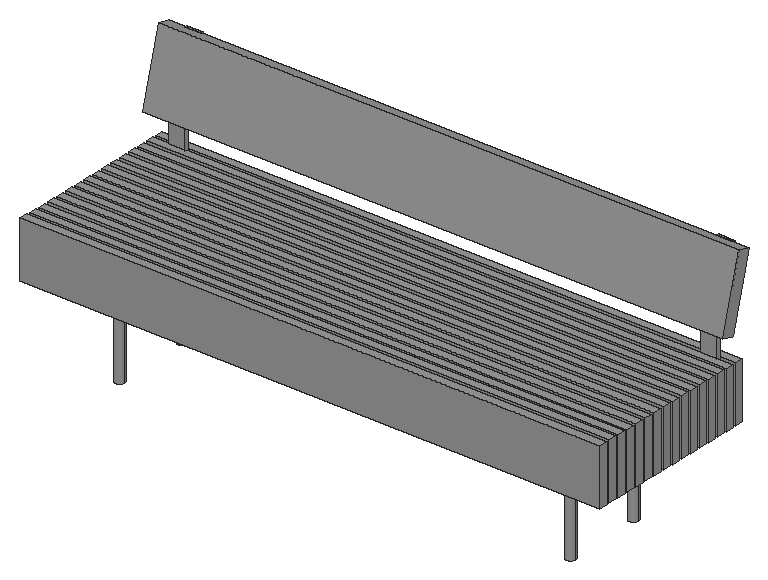
Revit family "Скамейка «Линия» со спинкой Арт 14233", category Антураж, Revit 2018
Family settings
  На основе рабочей плоскости = Нет
  Всегда вертикально = Да
  При загрузке вырезать с полостями = Нет
  Источник визуального образа = Геометрия семейства
  Общий = Нет
  Точка расчета площади = Нет
Parameters (values of type "Версия 1,8 м")
  Ширина = 585 mm  # constant formula
  Цвет сидения = Дерево
  Цвет опор = Сталь
  Описание = if([Версия 1,8 м], "Скамейка «Линия» со спинкой. Версия 1,8 м", "Скамейка «Линия» со спинкой. Версия 2,0 м")  # "Скамейка «Линия» со спинкой. Версия 1,8 м"
  Материал изделия = "Сталь, Фанера ФСФ"  # constant formula
  Изображение типоразмера = Скамейка «Линия» со спинкой Арт 14233.jpg
  Изготовитель = "ООО «Хоббика»"  # constant formula
  Длина = if([Версия 1,8 м], 1800 mm, 2000 mm)  # 1800 mm
  Группа модели = "Скамейки"  # constant formula
  Высота = 750 mm  # constant formula
  Версия 2,0 м = not([Версия 1,8 м])  # no
  Версия 1,8 м = yes
  Артикул товара = "Арт.  14233"  # constant formula
  URL = "https://hobbyka.ru/product/skameyka_so_spinkoy_liniya/"
Types (3, lengths in mm): name | Описание | Длина | Версия 2,0 м | Версия 1,8 м
  (no name) | "Скамейка «Линия» со спинкой. Версия 1,8 м" | 1800 | no | yes
  Версия 1,8 м | "Скамейка «Линия» со спинкой. Версия 1,8 м" | 1800 | no | yes
  Версия 2,0 м | "Скамейка «Линия» со спинкой. Версия 2,0 м" | 2000 | yes | no
Reference planes
  plane 1 "По центру (Вперед/Назад)": y = 0
  plane 2: z = 0
  plane 3 "По центру (Влево/Вправо)": x = 0
  plane 4: y = 585
  plane 5: z = 750
  plane 6: x = 1800
  plane 7: x = 200
  plane 8: x = 1600
  plane 9: x = 50
  plane 10: x = 100
  plane 11: x = 1700
  plane 12: x = 1750
Forms (mm)
  Extrusion 1, solid, material "Дерево" <- "Цвет сидения"
    sketch origin (0, 0, 0) x (0, 1, 0) y (0, 0, 1)
      loop
        line (574.772, 739.647) -> (536.135, 750) -> (476.607, 527.837) -> (515.244, 517.484) -> (574.772, 739.647)
      loop
        line (549.979, 440) -> (524.979, 440) -> (524.979, 265) -> (549.979, 265) -> (549.979, 440)
      loop
        line (514.979, 440) -> (489.979, 440) -> (489.979, 265) -> (514.979, 265) -> (514.979, 440)
      loop
        line (479.979, 440) -> (454.979, 440) -> (454.979, 265) -> (479.979, 265) -> (479.979, 440)
      loop
        line (444.979, 440) -> (419.979, 440) -> (419.979, 265) -> (444.979, 265) -> (444.979, 440)
      loop
        line (409.979, 440) -> (384.979, 440) -> (384.979, 265) -> (409.979, 265) -> (409.979, 440)
      loop
        line (374.979, 440) -> (349.979, 440) -> (349.979, 265) -> (374.979, 265) -> (374.979, 440)
      loop
        line (339.979, 440) -> (314.979, 440) -> (314.979, 265) -> (339.979, 265) -> (339.979, 440)
      loop
        line (304.979, 440) -> (279.979, 440) -> (279.979, 265) -> (304.979, 265) -> (304.979, 440)
      loop
        line (269.979, 440) -> (244.979, 440) -> (244.979, 265) -> (269.979, 265) -> (269.979, 440)
      loop
        line (234.979, 440) -> (209.979, 440) -> (209.979, 265) -> (234.979, 265) -> (234.979, 440)
      loop
        line (199.979, 440) -> (174.979, 440) -> (174.979, 265) -> (199.979, 265) -> (199.979, 440)
      loop
        line (164.979, 440) -> (139.979, 440) -> (139.979, 265) -> (164.979, 265) -> (164.979, 440)
      loop
        line (129.979, 440) -> (104.979, 440) -> (104.979, 265) -> (129.979, 265) -> (129.979, 440)
      loop
        line (94.979, 440) -> (69.979, 440) -> (69.979, 265) -> (94.979, 265) -> (94.979, 440)
      loop
        line (60, 441.221) -> (35, 441.221) -> (35, 266.221) -> (60, 266.221) -> (60, 441.221)
      loop
        line (25, 441.221) -> (0, 441.221) -> (0, 266.221) -> (25, 266.221) -> (25, 441.221)
    from 0 to 1800
  Extrusion 2, solid, material "Сталь" <- "Цвет опор"
    sketch origin (0, 0, 0) x (1, 0, 0) y (0, 1, 0)
      loop
        circle (200, 134.979) r 15
      loop
        circle (200, 379.979) r 15
    from 0 to 300
  Extrusion 3, solid, material "Сталь" <- "Цвет опор"
    sketch origin (1423.956, 0, 0) x (1, 0, 0) y (0, 1, 0)
      loop
        circle (176.044, 134.979) r 15
      loop
        circle (176.044, 379.979) r 15
    from 0 to 300
  Extrusion 4, solid, material "Сталь" <- "Цвет опор"
    sketch origin (0, 0, 0) x (0, 1, 0) y (0, 0, 1)
      loop
        line (584.431, 737.059) -> (574.772, 739.647) -> (514.979, 516.495) -> (514.979, 300) -> (524.979, 300) -> (524.979, 515.178) -> (584.431, 737.059)
    from 50 to 100
  Extrusion 5, solid, material "Сталь" <- "Цвет опор"
    sketch origin (0, 0, 0) x (0, 1, 0) y (0, 0, 1)
      loop
        line (584.431, 737.059) -> (574.772, 739.647) -> (514.979, 516.495) -> (514.979, 300) -> (524.979, 300) -> (524.979, 515.178) -> (584.431, 737.059)
    from 1700 to 1750
Dimensions and locks
  "Высота": plane 5 to level
  "Ширина": plane 1 "По центру (Вперед/Назад)" to plane 4
  "Длина": plane 3 "По центру (Влево/Вправо)" to plane 6
  locked: plane 3 "По центру (Влево/Вправо)" to plane 7 at 200
  locked: plane 8 to plane 6 at 200
  plane 11 to plane 12 to plane 6 = 50 mm locked, 50 mm
  plane 3 "По центру (Влево/Вправо)" to plane 9 to plane 10 = 50 mm, 50 mm locked
  aligned and locked: level to plane 2
  aligned and locked: Extrusion 1 to plane 3 "По центру (Влево/Вправо)"
  aligned and locked: plane 6 to Extrusion 1
  aligned and locked: Extrusion 4 to plane 10
  aligned and locked: plane 9 to Extrusion 4
  aligned and locked: Extrusion 5 to plane 12
  aligned and locked: plane 11 to Extrusion 5
Automatic sketch dimensions
  Extrusion 1 sketch curve to plane 1 "По центру (Вперед/Назад)" = 0 mm
  Extrusion 1 sketch curve to plane 5 = 0 mm
  Extrusion 1 sketch curve to plane 1 "По центру (Вперед/Назад)" = 25 mm
  Extrusion 1 sketch curve to Extrusion 1 sketch curve = 10 mm  (x14)
  Extrusion 1 sketch curve to Extrusion 1 sketch curve = 25 mm  (x15)
  Extrusion 1 sketch curve to Extrusion 1 sketch curve = 9.979 mm
  Extrusion 1 sketch curve to Extrusion 1 sketch curve = 21.628 mm
  Extrusion 1 sketch curve to Extrusion 1 sketch curve = 38.637 mm
  plane 4 to Extrusion 1 sketch curve = 48.865 mm
  Extrusion 1 sketch curve to Extrusion 1 sketch curve = 10.353 mm
  Extrusion 1 sketch curve to plane 5 = 308.779 mm
  Extrusion 1 sketch curve to Extrusion 1 sketch curve = 0 mm  (x27)
  Extrusion 1 sketch curve to Extrusion 1 sketch curve = 77.484 mm
  Extrusion 1 sketch curve to Extrusion 1 sketch curve = 1.221 mm
  Extrusion 1 sketch curve to Extrusion 1 sketch curve = 173.779 mm
  Extrusion 1 sketch curve to Extrusion 1 sketch curve = 175 mm
  Extrusion 2 sketch curve to plane 7 = 0 mm  (x2)
  Extrusion 2 sketch curve to plane 1 "По центру (Вперед/Назад)" = 134.979 mm
  plane 4 to Extrusion 2 sketch curve = 205.021 mm
  Extrusion 3 sketch curve to plane 8 = 0 mm  (x2)
  Extrusion 3 sketch curve to plane 1 "По центру (Вперед/Назад)" = 134.979 mm
  plane 4 to Extrusion 3 sketch curve = 205.021 mm
  plane 4 to Extrusion 4 sketch curve = 70.021 mm
  Extrusion 4 sketch curve to Extrusion 4 sketch curve = 10 mm
  plane 4 to Extrusion 4 sketch curve = 10.228 mm
  plane 4 to Extrusion 4 sketch curve = 0.569 mm
  level to Extrusion 4 sketch curve = 300 mm
  Extrusion 4 sketch curve to Extrusion 4 sketch curve = 215.178 mm
  Extrusion 4 sketch curve to Extrusion 4 sketch curve = 1.317 mm
  plane 4 to Extrusion 5 sketch curve = 70.021 mm
  Extrusion 5 sketch curve to Extrusion 5 sketch curve = 10 mm
  plane 4 to Extrusion 5 sketch curve = 10.228 mm
  plane 4 to Extrusion 5 sketch curve = 0.569 mm
  level to Extrusion 5 sketch curve = 300 mm
  Extrusion 5 sketch curve to Extrusion 5 sketch curve = 215.178 mm
  Extrusion 5 sketch curve to Extrusion 5 sketch curve = 1.317 mm
  radius of Extrusion 2 sketch curve = 15 mm  (x2)
  radius of Extrusion 3 sketch curve = 15 mm  (x2)
